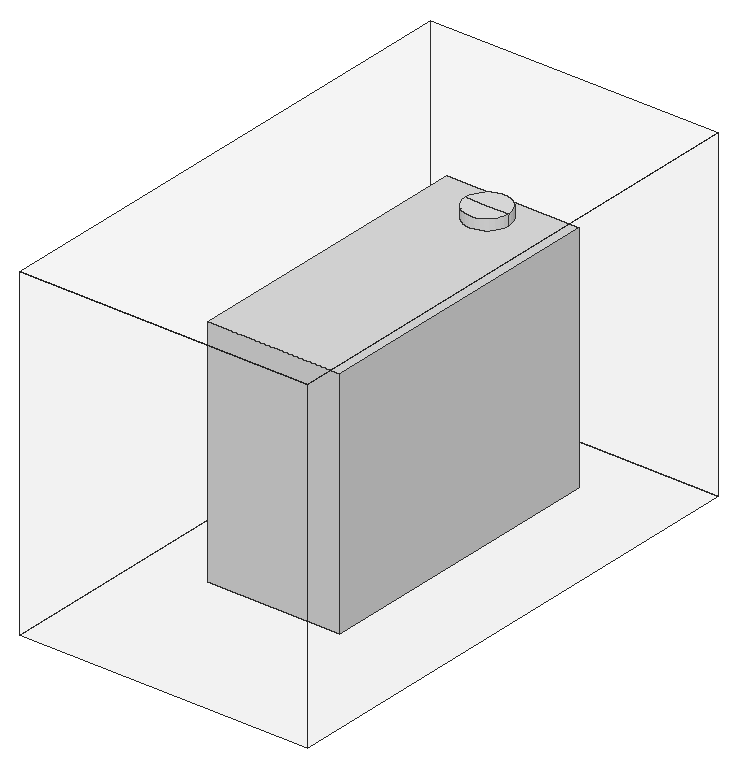
Revit family "1354887957SUPAflo_SF67_LOD200", category Mechanical Equipment, Revit 2014
Parameters (values of type "SF67")
  Weekly = ""
  Water Treatment Required = yes
  Water Content = 82.00 L  # constant formula
  Warranty ID = ""
  WRAS Approval = "1011037"  # constant formula
  Voltage = 230 V  # constant formula
  URL = "http://www.andrewswaterheaters.co.uk/index.htm"
  Type = "Direct Gas Fired Instaneous Water Heater"  # constant formula
  Text Material = Paint - Black
  Supply Phase = "Single Phase"  # constant formula
  Starting Current = 1.75 A  # constant formula
  Standing Loss W = "0.13"  # constant formula
  Sound Pressure Level dBA = "59"  # constant formula
  Siphon Bush Pipe Diameter = 19.000 mm
  Shipping Weight = 680.00 kg  # constant formula
  Shape = "Rectangular (Horizontal)"  # constant formula
  Secondary Return Connection Type = "Other"  # constant formula
  Secondary Return Connection Size = 0.000 mm  # constant formula
  Safety Valve Connection Type = "Other"  # constant formula
  Safety Valve Connection Size = 0.000 mm  # constant formula
  Responsible Sourcing of Materials = ""
  Responsible Extraction Of Material = ""
  Reference Standard = "BSE 26"  # constant formula
  Recovery Rate litre/min = "154"  # constant formula
  Rated Output kW = "61"
  Rated Criteria = "80/60"  # constant formula
  Quarterly = ""
  Product Range = "SUPAflo Range"  # constant formula
  Product Model Number = "1109044"
  Product Literature = "http://www.andrewswaterheaters.co.uk/downloads/Product_range_guide.pdf"
  Overall Width [instance] = 770.000 mm  # constant formula
  Overall Length [instance] = 1735.000 mm  # constant formula
  Overall Height [instance] = 1440.000 mm  # constant formula
  Oil Consumption Rate l/h = ""
  O&M Manual = "http://www.andrewswaterheaters.co.uk/literature-library/current-products.htm"
  Nominal Oil Inlet Pressure mbar = "0"  # constant formula
  Nominal Gas Inlet Pressure = "21 mbar"  # constant formula
  NOx Emissions mg = 35 kWh  # constant formula
  Mounting = "Floor Standing"  # constant formula
  Monthly = ""
  Model = "SF67"
  Minimum Power Consumption = 380 W  # constant formula
  Minimum Oil Inlet Pressure mbar = "0"  # constant formula
  Minimum Gas Inlet Pressure mbar = "18"  # constant formula
  Min Operating Pressure = 1.00 bar  # constant formula
  Maximum Water Temperature = 75 °C  # constant formula
  Maximum Power Consumption = 35 W  # constant formula
  Maximum Oil Inlet Pressure mbar = "0"  # constant formula
  Maximum Gas Inlet Pressure mbar = "50"  # constant formula
  Max Operating Pressure When Unvented = 3.50 bar  # constant formula
  Max Operating Pressure When Open Vented = 6.00 bar  # constant formula
  Material Ingredient Reporting = ""
  Manufacturer = "Andrews Water Heaters"  # constant formula
  Maintenance Required 8001-12000hrs = ""
  Maintenance Required 601-1000hrs = ""
  Maintenance Required 40001-8000hrs = ""
  Maintenance Required 301-600hrs = ""
  Maintenance Required 2001-4000hrs = ""
  Maintenance Required 1001-2000hrs = ""
  Maintenance Required 0-300hrs = ""
  Location of Manufacturer-GridRef = ""
  Life Cycle Analysis = ""
  Interlocks = yes
  Insulation Type = "Integral Thermal Insulation"  # constant formula
  Insulation Thickness = 0.000 mm  # constant formula
  Instrument Box Panel = Metal - Polished Silver
  IP Rating = "20"  # constant formula
  IK Rating = "1.75"  # constant formula
  Heating Circuit Flow Diameter = 32.000 mm
  Heater Operation = "Fully Condensing"  # constant formula
  Heat Up Time mins = "1"  # constant formula
  Heat Generator Thermal Efficiency = 1.06  # 106%
  Heat Generator Load Profile = ""
  Heat Generator Efficiency = "98%"  # constant formula
  Heat Exchanger Material = Stainless Steel
  Gross Weight = 650.00 kg  # constant formula
  Gross Input = "550 kW"  # constant formula
  Green Guide for Specification = ""
  Gas Consumption rate = 50.5 m³/h  # constant formula
  Gas Connection Pipe Diameter = 19.000 mm
  Fuse Rating = 200 A  # constant formula
  Full Load Current = 10 A  # constant formula
  Fuel Type = "Gas - NG"  # constant formula
  Fuel Connection Size = 38.100 mm  # constant formula
  Frequency = 50 Hz  # constant formula
  Flue or Air Intake Classification = "B23, C33, C43, C53, C63 & C83"  # constant formula
  Flue Connection Type = "Socket"  # constant formula
  Flue Connection Standard = "250 mm"  # constant formula
  Flow and Return Connection Type = "Threaded"  # constant formula
  Flow and Return Connection Size Note = "DN16 - PN16"  # constant formula
  Flow and Return Connection Size = 50.800 mm  # constant formula
  Finish = "Powder Coated Steel"  # constant formula
  Features = "Premix Forced Draught Condensing Water Heater"  # constant formula
  External Material = Steel
  Expected Life = ""
  ErP Energy Label ERP = ""
  Environmental Product Declaration = ""
  Energy Technology List ETL = ""
  Embodied Carbon kgCO2e = ""
  Drain Connection Type = "Other"  # constant formula
  Drain Connection Size = 0.000 mm  # constant formula
  Description = "Condensing Boiler"  # constant formula
  Default Elevation = 0.000 mm  # constant formula
  Daily = ""
  Control Type = "Internal"  # constant formula
  Control ThermostatRange = 40 °C
  Control Thermostat Range Note = "40°C - 75°C"  # constant formula
  Control Options = "Modulating"  # constant formula
  Continuous Output at 50 Degree Differential l/h = "9230"
  Continuous Output at 44 Degree Differential l/h = "1050"
  Configuration = "Single Boiler"  # constant formula
  Condensate Drain Type = "Plain"  # constant formula
  Condensate Drain Size = 22.000 mm  # constant formula
  Colour = "Blue (RAL 5011) & White (RAL 9016)"  # constant formula
  Clearence Box = Glass - Clear - Amber
  Clearance Box Visibility [instance] = yes
  Clean Out and Inspection Opening Type = "Other"  # constant formula
  Clean Out Cover and Inspection Opening Size = ""
  CE Approval = "Yes - 0063BS3840"  # constant formula
  Burner Control Type = "Modulating"  # constant formula
  Bespoke Timeframe = ""
  BMS Links = yes
  Assembly Code = "D3020100"
  Annually = "As per attached URL O & M Manual"  # constant formula
  Air Supply = yes
  Air Intake Connector = "Air Intake Connection"  # constant formula
  Air Inlet Connection Size = 200.000 mm  # constant formula
  Access Clearance Top = 450.000 mm  # constant formula
  Access Clearance Right = 450.000 mm  # constant formula
  Access Clearance Rear = 450.000 mm  # constant formula
  Access Clearance Left = 450.000 mm  # constant formula
  Access Clearance Front = 800.000 mm  # constant formula
  Access Clearance Bottom = 0.000 mm  # constant formula
  6 Monthly = ""
Reference planes
  plane 1 "Center (Front/Back)": y = 0
  plane 2: z = 0
  plane 3 "Center (Left/Right)": x = 0
  plane 4: z = 0
  plane 5: x = -385
  plane 6: x = 385
  plane 7: y = 867.5
  plane 8: y = -867.5
  plane 9: z = 1440
  plane 10: z = 720
  plane 11: z = 1890
  plane 12: z = 0
  plane 13: x = -835
  plane 14: x = 835
  plane 15: y = 1317.5
  plane 16: y = -1667.5
Forms (mm)
  Sweep 1, solid, material "Glass - Clear - Amber" <- "Clearence Box", visible <- "Clearance Box Visibility"
    path origin (-479.663, 637.513, 1117.176) x (1, 0, 0) y (0, 0, 1)
      loop
        line (479.663, 772.824) -> (479.663, -1117.176)
    profile origin (0, 637.513, 945) x (0, -1, 0) y (1, 0, 0)
      loop
        line (-679.987, -835) -> (2305.013, -835) -> (2305.013, 835) -> (-679.987, 835) -> (-679.987, -835)
Dimensions and locks
  equal spacing: plane 7, plane 1 "Center (Front/Back)", plane 8
  "Overall Length": plane 7 to plane 8
  equal spacing: plane 5, plane 3 "Center (Left/Right)", plane 6
  "Overall Width": plane 5 to plane 6
  "Overall Height": plane 9 to level
  equal spacing: plane 9, plane 10, level
  "Access Clearance Top": plane 11 to plane 9
  "Access Clearance Bottom": level to plane 12
  "Access Clearance Left": plane 5 to plane 13
  "Access Clearance Right": plane 6 to plane 14
  "Access Clearance Front": plane 16 to plane 8
  "Access Clearance Rear": plane 15 to plane 7
  aligned and locked: level to plane 2
  aligned and locked: plane 11 to Sweep 1 sketch curve
  aligned and locked: plane 12 to Sweep 1 sketch curve
  aligned and locked: Sweep 1 sketch curve to plane 3 "Center (Left/Right)"
  aligned and locked: Sweep 1 sketch curve to plane 13
  aligned and locked: Sweep 1 sketch curve to plane 16
  aligned and locked: plane 14 to Sweep 1 sketch curve
  aligned and locked: nested 1 to plane 7
  aligned and locked: plane 3 "Center (Left/Right)" to nested 1
  aligned and locked: Sweep 1 sketch curve to plane 15
Nested families
  nested 1: "1354888009SUPAflo_SF67_LOD200" at (0, 867.5, 0), type "1354888009SUPAflo_SF67_LOD200"
Connectors
  electrical at (212, 869.5, 1410), driven by "Voltage", driven by "Maximum Power Consumption"
    settings: on nested 1, index 1, voltage 230 V, apparent load 35 VA, apparent load phase1 0 VA, apparent load phase2 0 VA, apparent load phase3 0 VA, power factor 1, load classification "Power", number of poles 1, system type 30, power factor state 1, is connector primary yes, connector utility yes, sub classification motor yes, connector description "Electrical Connection"
  piping at (-0.024, 680, 1499.95), diameter 250
    settings: on nested 1, index 2, connector inside diameter 609.600 mm, connector length 0.000 mm, flow factor 0, pipe flow 0 GPM, pressure drop 0.00 bar, fitting loss kfactor 0, connector angle 0.00°, fixture units 0, engagement length 0.000 mm, angle of deflection 0.00°, flow configuration 0, flow direction 2, fitting loss method 0, system type 7, joint type 0, gender type 0, connector reference index -1, connector utility 1, adjustable connector no, is connector primary yes, connector description "Flue Gas Outlet"
  piping at (309.671, 919, 1172.5), diameter 19.05
    settings: on nested 1, index 3, connector inside diameter 609.600 mm, connector length 0.000 mm, flow factor 0, pipe flow 0 GPM, pressure drop 0.00 bar, fitting loss kfactor 0, connector angle 0.00°, fixture units 0, engagement length 0.000 mm, angle of deflection 0.00°, flow configuration 0, flow direction 1, fitting loss method 0, system type 7, joint type 0, gender type 0, connector reference index -1, connector utility 1, adjustable connector no, is connector primary no, connector description "Gas Supply"
  piping at (245, 982.5, 903), diameter 50.8
    settings: on nested 1, index 4, connector inside diameter 609.600 mm, connector length 0.000 mm, flow factor 0, pipe flow 0 GPM, pressure drop 0.00 bar, fitting loss kfactor 0, connector angle 0.00°, fixture units 0, engagement length 0.000 mm, angle of deflection 0.00°, flow configuration 0, flow direction 1, fitting loss method 0, system type 7, joint type 0, gender type 0, connector reference index -1, connector utility 1, adjustable connector no, is connector primary no, connector description "Water Supply"
  piping at (245, 982.5, 490.041), diameter 50.8
    settings: on nested 1, index 5, connector inside diameter 609.600 mm, connector length 0.000 mm, flow factor 0, pipe flow 0 GPM, pressure drop 0.00 bar, fitting loss kfactor 0, connector angle 0.00°, fixture units 0, engagement length 0.000 mm, angle of deflection 0.00°, flow configuration 0, flow direction 2, fitting loss method 0, system type 8, joint type 0, gender type 0, connector reference index -1, connector utility 1, adjustable connector no, is connector primary no, connector description "Water Return"
  piping at (-260, 938, 1200), diameter 200
    settings: on nested 1, index 6, connector inside diameter 609.600 mm, connector length 0.000 mm, flow factor 0, pipe flow 0 GPM, pressure drop 0.00 bar, fitting loss kfactor 0, connector angle 0.00°, fixture units 0, engagement length 0.000 mm, angle of deflection 0.00°, flow configuration 0, flow direction 1, fitting loss method 0, system type 7, joint type 0, gender type 0, connector reference index -1, connector utility 1, adjustable connector no, is connector primary no, connector description "Air Intake"
Definition of nested family "1354888009SUPAflo_SF67_LOD200"
  Parameters (values of type "1354888009SUPAflo_SF67_LOD200")
    Weight (Full) (kg) = 732
    URL = "http://www.andrewswaterheaters.co.uk/products_details.php?product=supaflo"
    Power Consumption (W) = 770
    Model = "SUPAflo SF67"
    Manufacturer = "Andrews Water Heaters"
    Hot Water Recovery (Thru 50ºC) (Litres/Hour) = 9230
    Efficiency (Gross) (%) = 93.6
    Description = "Condensing Water Heater"
  Reference planes
    plane 1 "Center (Front/Back)": y = 0
    plane 2: z = 0
    plane 3 "Center (Left/Right)": x = 0
    plane 4: y = 0
  Forms (mm)
    Revolve 1, solid, material "Andrews SUPAflo - Steel"
      sketch origin (-0.024, -187.5, 2.7) x (1, 0, 0) y (0, 0, 1)
        loop
          line (0, 1497.25) -> (-125, 1497.25) -> (-125, 1437.3) -> (0, 1437.3) -> (0, 1497.25)
        axis (0, 1497.25) -> (0, 1437.3)
      angle from 0 to 360
    Extrusion 2, solid, material "Andrews SUPAflo - Body"
      sketch origin (0, -630, 0) x (1, 0, 0) y (0, 1, 0)
        loop
          line (385, -1105) -> (385, 628) -> (-385, 628) -> (-385, -1105) -> (385, -1105)
      from 85 to 1440
    Revolve 3, solid, material "Andrews SUPAflo - Steel"
      sketch origin (50.743, 0, 1172.5) x (1, 0, 0) y (0, 1, 0)
        loop
          line (258.927, 51.5) -> (258.927, -2) -> (278.927, -2) -> (278.927, 51.5) -> (258.927, 51.5)
        axis (258.927, 51.5) -> (258.927, -2)
      angle from 0 to 360
    Revolve 4, solid, material "Andrews SUPAflo - Steel"
      sketch origin (-105.002, -21, 610.9) x (1, 0, 0) y (0, 1, 0)
        loop
          line (-97.498, 19) -> (-97.498, 136) -> (-129.998, 136) -> (-129.998, 83) -> (-129.998, 19) -> (-97.498, 19)
        axis (-129.998, 136) -> (-129.998, 19)
      angle from 0 to 360
    Revolve 5, solid, material "Andrews SUPAflo - Steel"
      sketch origin (245, -4, 2) x (0, 1, 0) y (0, 0, 1)
        loop
          line (2, 933.5) -> (2, 901) -> (119, 901) -> (119, 933.5) -> (2, 933.5)
        axis (119, 901) -> (2, 901)
      angle from 0 to 360
    Revolve 6, solid, material "Andrews SUPAflo - Steel"
      sketch origin (245, -4, -410.959) x (0, 1, 0) y (0, 0, 1)
        loop
          line (2, 933.5) -> (2, 901) -> (119, 901) -> (119, 933.5) -> (2, 933.5)
        axis (119, 901) -> (2, 901)
      angle from 0 to 360
    Revolve 7, solid, material "Andrews SUPAflo - Steel"
      sketch origin (-36.502, 0, 1200) x (1, 0, 0) y (0, 1, 0)
        loop
          line (-223.498, -2) -> (-123.498, -2) -> (-123.498, 70.5) -> (-223.498, 70.5) -> (-223.498, -2)
        axis (-223.498, 70.5) -> (-223.498, -2)
      angle from 0 to 360
  Dimensions and locks
    aligned and locked: level to plane 2
